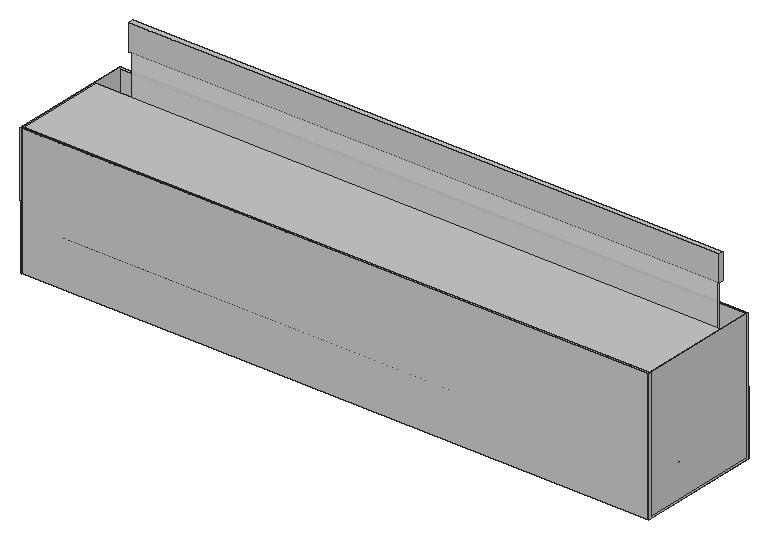
Revit family "Roller_Shades-Lutron-Pocket_Recessed-Roller_100_150_200", category Specialty Equipment, host Face, Revit 2017
Family settings
  Host = Face
  Round Connector Dimension = Use Diameter
  Part Type = Normal
  OmniClass Number = 23.30.60.14.21
  OmniClass Title = Shades
  Cut with Voids When Loaded = No
  Shared = No
  Room Calculation Point = No
Parameters (values of type "Roller 200 - Pocket Mount")
  Warranty URL = "http://www.lutron.com/en-US/Service-Support/Pages/Service/Warranty/Warranty.aspx"
  Video Link = "https://www.youtube.com/user/LutronElectronicsInc"
  Version = "2017 - v1.0b"  # constant formula
  URL = "http://www.lutron.com"
  Type Comments = ""
  Support Phone = "(224) 699-9545"  # constant formula
  Support Email = "mailto: support@anguleris.com"
  Shade Width [instance] = 2' - 0"
  Shade Size Available [instance] = if(Actual Shade Height < Shade Height, "No, height exceeds 5:1 ratio limit, use larger roller", if(Shade Area < Maximum Shade Area, "Yes", "Shade Size Unavailable"))  # "Yes"
  Shade Material = Fabric - Lutron - Linen - White
  Shade Height [instance] = 0' - 7"
  Shade Area [instance] = Shade Width * Actual Shade Height  # 1.16667 SF
  Series = "Sivoia QS"
  Right Drive [instance] = no
  Product Page URL = "http://www.lutron.com/en-US/Products/Pages/ShadingSystems/SivoiaQS/WindowTreatments/RollerShades/RollerShades.aspx"
  Product Name = "Motorized Roller Shade - Pocket Mount"
  Product Documentation Link = "http://www.lutron.com/TechnicalDocumentLibrary/086105%20a.pdf"
  Performance URL = "http://www.lutron.com/en-US/Service-Support/Pages/Technical/PerfomanceSpecs.aspx"
  Overall Width [instance] = if(Shade Width < 2' 0", 2' 0", if(Shade Width > Maximum Shade Width, Maximum Shade Width, Shade Width))  # 2' - 0"
  Overall Height [instance] = if([3D Shade Visibility], Shade Height, 0' 7")  # 0' - 7"
  Overall Depth = 0' - 4 3/4"
  Mounting = "Pocket"
  Model = "Roller 200"
  Maximum Shade Width = if(Maximum Shade Area = 200.00 SF, 15' 0", 10' 0")  # 15' - 0"
  Maximum Shade Area = 200.00 SF
  Manufacturer Phone Number = "610-282-3800"  # constant formula
  Manufacturer Fax Number = "610-282-1243"  # constant formula
  Manufacturer Email = "mailto:support@lutron.com"
  Manufacturer Address = "7200 Suter Rd, Coopersburg, PA 18036"  # constant formula
  Manufacturer = "Lutron Electronics Co., Inc"  # constant formula
  Lineal Requirements [instance] = ""
  Left Drive [instance] = no
  Keynote = ""
  Instruction Sheet Link = "http://www.lutron.com/TechnicalDocumentLibrary/045-189%20R100%20Pocket%20Chassis%2011X17%2004_07_10.pdf"
  Host Void Visibility [instance] = yes
  Host Void Depth [instance] = if(Host Void Visibility, 0' 5", 0' 4 1/2")  # 0' - 5"
  Fabric Roll Detail = "Standard"
  Fabric Options [instance] = ""
  Fabric Collection [instance] = ""
  Description = "Motorized Roller Shade"
  Default Elevation = 0' - 0"
  Cost Info = "mailto:sales@lutron.com"
  Cost = 0
  Copyright = "© 2019 Lutron Electronics Co., Inc."  # constant formula
  Control Technology [instance] = ""
  Actual Shade Height [instance] = if(Shade Height > Shade Width * 5, Shade Width * 5, Shade Height)  # 0' - 7"
  3D Shade Visibility [instance] = no
  Assembly Code = "E2010320"
Types (3): name | Support Email | Product Documentation Link | Model | Maximum Shade Width | Maximum Shade Area
  Roller 100 - Pocket Mount | "" | "http://www.lutron.com/TechnicalDocumentLibrary/086106_a.pdf" | "Roller 100" | 10' - 0" | 100.00 SF
  Roller 150 - Pocket Mount | "" | "http://www.lutron.com/TechnicalDocumentLibrary/085-267.pdf" | "Roller 150" | 10' - 0" | 150.00 SF
  Roller 200 - Pocket Mount | "mailto: support@anguleris.com" | "http://www.lutron.com/TechnicalDocumentLibrary/086105%20a.pdf" | "Roller 200" | 15' - 0" | 200.00 SF
Reference planes (in)
  plane 1 "Center (Front/Back)": y = 0
  plane 2: z = 0
  plane 3 "Center (Left/Right)": x = 0
  plane 4: x = -11.25
  plane 5: x = -12
  plane 6: x = 11.25
  plane 7: x = 12
  plane 8: z = 2
  plane 9: y = 2.375
  plane 10: y = -2.375
  plane 11: z = 1
  plane 12: z = -5
  plane 13: z = -2.5
  plane 14: y = 2
Forms (in)
  Extrusion 1, solid, material "Fabric - Lutron - Linen - White"
    sketch origin (0, 0, -3.664) x (0, 1, 0) y (0, 0, 1)
      loop
        circle (0, 1.164) r 2
    from -11.25 to 11.25
  Extrusion 2, solid, material "Metal - Lutron"
    sketch origin (2.75, 9.85369, 4.65682) x (0, 0, -1) y (0, 1, 0)
      loop
        circle (7.15682, -9.85369) r 1.25
    from 8.5 to 8.75
  Extrusion 3, solid, material "Metal - Lutron", detail levels medium+fine
    sketch origin (2.75, -1.764, -1.9) x (0, 0, -1) y (0, 1, 0)
      loop
        arc (-0.54408, 2.264) -> (-0.64857, 1.764) -> (-0.54408, 1.264) r 1.24857
        line (-0.54408, 1.264) -> (1.74721, 1.264)
        arc (1.74721, 1.264) -> (1.85143, 1.764) -> (1.74721, 2.264) r 1.25143
        line (1.74721, 2.264) -> (-0.54408, 2.264)
    from 8.75 to 9.19141
  Extrusion 4, solid, material "Metal - Lutron"
    sketch origin (-2.75, -1.764, -1.9) x (0, 0, -1) y (0, -1, 0)
      loop
        circle (0.6, -1.764) r 1.25
    from 8.5 to 8.75
  Extrusion 5, solid, material "Metal - Lutron", detail levels medium+fine
    sketch origin (-2.75, -1.764, -1.9) x (0, 0, -1) y (0, -1, 0)
      loop
        line (-0.54408, -2.264) -> (1.74721, -2.264)
        arc (1.74721, -2.264) -> (1.85143, -1.764) -> (1.74721, -1.264) r 1.25143
        line (1.74721, -1.264) -> (-0.54408, -1.264)
        arc (-0.54408, -1.264) -> (-0.64857, -1.764) -> (-0.54408, -2.264) r 1.24857
    from 8.75 to 9.19141
  Extrusion 6, solid, material "Metal - Lutron"
    sketch origin (0, -2.375, -2.5) x (0, 0, -1) y (0, 1, 0)
      loop
        line (-2.5, 0) -> (2.5, 0) -> (2.5, 4.75) -> (-2.5, 4.75) -> (-2.5, 4.69141) -> (2.44141, 4.69141) -> (2.44141, 0.05859) -> (-2.5, 0.05859) -> (-2.5, 0)
    from -12.0577 to 12.0577
  Extrusion 7, solid, material "Metal - Lutron"
    sketch origin (0, -2.375, -2.5) x (1, 0, 0) y (0, 1, 0)
      loop
        line (12.0577, 4.75) -> (12, 4.75) -> (12, 0) -> (12.0577, 0) -> (12.0577, 4.75)
      loop
        line (-12.0577, 4.75) -> (-12.0577, 0) -> (-12, 0) -> (-12, 4.75) -> (-12.0577, 4.75)
    from -2.5 to 2.5
  Extrusion 8, solid, material "Fabric - Lutron - Linen - White"
    sketch origin (0, 0.97344, -1.89844) x (1, 0, 0) y (0, 0, 1)
      loop
        line (-11.25, -0.60156) -> (11.25, -0.60156) -> (11.25, 2.89844) -> (-11.25, 2.89844) -> (-11.25, -0.60156)
    from -1.02656 to -0.96406
  Extrusion 9, solid, material "Metal - Lutron", detail levels medium+fine
    sketch origin (0, 1.91244, -1.39844) x (0, 0, -1) y (0, 1, 0)
      loop
        line (-2.39844, -0.03744) -> (-2.39844, 0.15006) -> (-3.39844, 0.15006) -> (-3.39844, -0.03744) -> (-2.39844, -0.03744)
    from -11.3125 to 11.3125
  Extrusion 10, solid, material "Metal - Lutron"
    sketch origin (0, 2.375, -2.59766) x (0, 0, -1) y (0, 1, 0)
      loop
        line (-2.59766, -4.69141) -> (-2.53906, -4.69141) -> (-2.53906, -1.24844) -> (-2.59766, -1.24844) -> (-2.59766, -4.69141)
    from -12 to 12
  Extrusion 11, solid, material "Metal - Lutron", detail levels medium+fine
    sketch origin (12, -45.05905, 58.10156) x (0, 0, 1) y (0, 1, 0)
      loop
        arc (-62.10156, 45.06875) -> (-60.60156, 43.56875) -> (-59.10156, 45.06875) r 1.5
        line (-59.10156, 45.06875) -> (-59.10156, 47.37546) -> (-62.10156, 47.37546) -> (-62.10156, 45.06875)
    from 0 to 0.05859
  Extrusion 12, solid, material "Metal - Lutron", detail levels medium+fine
    sketch origin (-12, -45.05905, 58.10156) x (0, 0, 1) y (0, -1, 0)
      loop
        line (-62.10156, -47.37546) -> (-59.10156, -47.37546) -> (-59.10156, -45.06875)
        arc (-59.10156, -45.06875) -> (-60.60156, -43.56875) -> (-62.10156, -45.06875) r 1.5
        line (-62.10156, -45.06875) -> (-62.10156, -47.37546)
    from 0 to 0.05859
  Extrusion 13, void
    sketch origin (0, 0, 0) x (1, 0, 0) y (0, 0, 1)
      loop
        line (-12.0577, 0) -> (-12.0577, -5) -> (12.0577, -5) -> (12.0577, 0) -> (-12.0577, 0)
    from -2.375 to 2.375
Cuts and joins
  joined: Extrusion 1, Extrusion 8
Lines and regions (in)
  Masking region 1
    outline origin (11.3125, -180, -5) x (0, -1, 0) y (1, 0, 0)
      loop
        line (-182.375, -23.3125) -> (-177.625, -23.3125) -> (-177.625, 0.6875) -> (-182.375, 0.6875) -> (-182.375, -23.3125)
  symbolic lines, not visible
    curve 1: line (-11.25, 0.5, -5) -> (-11.25, -0.5, -5)
    curve 2: line (11.25, 0.49777, -5) -> (11.25, -0.50223, -5)
  symbolic lines
    curve 3: line (11.25, 1.625, -5) -> (-11.25, 1.625, -5)
Dimensions and locks (in)
  locked: Extrusion 10 sketch curve to Extrusion 10 sketch curve at 0.05859
  equal spacing: plane 5, plane 3 "Center (Left/Right)", plane 7
  "Overall Width": plane 5 to plane 7
  locked: plane 5 to plane 4 at 0.75
  locked: plane 6 to plane 7 at 0.75
  equal spacing: plane 10, plane 1 "Center (Front/Back)", plane 9
  "Overall Depth": plane 10 to plane 9
  locked: plane 13 to plane 12 at 2.5
  "Overall Height": plane 8 to plane 12
  locked: plane 8 to plane 11 at 1
  locked: plane 2 to plane 12 at 5
  locked: plane 7 to Extrusion 13 sketch curve at 0.0577
  locked: plane 5 to Extrusion 13 sketch curve at 0.0577
  "Host Void Depth": Extrusion 13 sketch curve to plane 12
  locked: plane 1 "Center (Front/Back)" to Extrusion 4 sketch curve at 0
  locked: plane 13 to Extrusion 4 sketch curve at 0
  locked: plane 1 "Center (Front/Back)" to Extrusion 2 sketch curve at 0
  locked: plane 13 to Extrusion 2 sketch curve at 0
  locked: plane 1 "Center (Front/Back)" to Extrusion 1 sketch curve at 0
  locked: plane 13 to Extrusion 1 sketch curve at 0
  locked: plane 1 "Center (Front/Back)" to Extrusion 3 sketch curve at 0.5
  locked: Extrusion 3 sketch curve to plane 1 "Center (Front/Back)" at 0.5
  locked: Extrusion 3 sketch curve to plane 13 at 1.14721  (x2)
  locked: plane 13 to Extrusion 3 sketch curve at 1.14408  (x2)
  locked: Extrusion 7 sketch curve to plane 5 at 0.0577
  locked: plane 7 to Extrusion 7 sketch curve at 0.0577
  locked: plane 12 to Extrusion 6 sketch curve at 0.05859
  locked: plane 10 to Extrusion 6 sketch curve at 0.05859
  locked: Extrusion 6 sketch curve to plane 9 at 0.05859
  locked: plane 7 to Extrusion 6 at 0.0577
  locked: plane 6 to Extrusion 6 at 0.8077
  locked: plane 5 to Extrusion 6 at 0.0577
  locked: plane 4 to Extrusion 6 at 0.8077
  locked: plane 13 to Extrusion 12 sketch curve at 1.5
  locked: Extrusion 12 sketch curve to plane 13 at 1.5
  locked: Extrusion 12 sketch curve to plane 9 at 0.05859
  locked: plane 1 "Center (Front/Back)" to Extrusion 12 sketch curve at 0.0097  (x2)
  locked: Extrusion 12 to plane 5 at 0.05859
  locked: plane 4 to Extrusion 12 at 0.69141
  locked: Extrusion 11 sketch curve to plane 9 at 0.05859
  locked: plane 1 "Center (Front/Back)" to Extrusion 11 sketch curve at 0.0097  (x2)
  locked: plane 13 to Extrusion 11 sketch curve at 1.5
  locked: Extrusion 11 sketch curve to plane 13 at 1.5
  locked: Extrusion 11 to plane 7 at 0.05859
  locked: plane 6 to Extrusion 11 at 0.69141
  locked: Extrusion 9 sketch curve to plane 9 at 0.3125
  locked: plane 1 "Center (Front/Back)" to Extrusion 9 sketch curve at 1.875
  locked: plane 4 to Extrusion 9 at 0.0625
  locked: Extrusion 9 to plane 5 at 0.6875
  locked: plane 6 to Extrusion 9 at 0.0625
  locked: Extrusion 9 to plane 7 at 0.6875
  locked: cut or joined group of Extrusion 1, Extrusion 8 to plane 9 at 0.375
  locked: plane 1 "Center (Front/Back)" to Extrusion 9 at 1.875
  locked: Extrusion 9 to Extrusion 9 at 0.1875
  locked: Extrusion 5 sketch curve to plane 1 "Center (Front/Back)" at 0.5
  locked: plane 1 "Center (Front/Back)" to Extrusion 5 sketch curve at 0.5
  locked: plane 13 to Extrusion 5 sketch curve at 1.14408  (x2)
  locked: Extrusion 5 sketch curve to plane 13 at 1.14721  (x2)
  locked: plane 4 to Extrusion 4 at 0.25
  locked: Extrusion 4 to plane 5 at 0.5
  locked: plane 6 to Extrusion 2 at 0.25  (x2)
  locked: Extrusion 2 to plane 7 at 0.5  (x2)
  locked: Extrusion 4 to plane 4 at 0.25
  locked: plane 5 to Extrusion 4 at 0.5
  locked: plane 10 to Extrusion 10 sketch curve at 0.05859
  locked: plane 10 to Extrusion 10 sketch curve at 3.50156
  locked: curve 3 to plane 9 at 0.75
  locked: plane 1 "Center (Front/Back)" to plane 14 at 2
  locked: cut or joined group of Extrusion 1, Extrusion 8 to plane 14 at 0.0625
  locked: cut or joined group of Extrusion 1, Extrusion 8 to plane 9 at 0.4375
  radius of Extrusion 1 sketch curve = 0' - 2"  (x2)
  radius of Extrusion 2 sketch curve = 0' - 1 1/4"
  radius of Extrusion 4 sketch curve = 0' - 1 1/4"
  radius of Extrusion 3 sketch curve = 0' - 1.24857"
  radius of Extrusion 3 sketch curve = 0' - 1.25143"
  radius of Extrusion 5 sketch curve = 0' - 1.24857"
  radius of Extrusion 5 sketch curve = 0' - 1.25143"
  radius of Extrusion 12 sketch curve = 0' - 1 1/2"
  radius of Extrusion 11 sketch curve = 0' - 1 1/2"
  aligned and locked: plane 2 to host face
  aligned and locked: level to host face
  aligned and locked: Extrusion 3 to Extrusion 2
  aligned and locked: Extrusion 5 to Extrusion 4
  aligned and locked: Extrusion 6 to Extrusion 7
  aligned and locked: Extrusion 13 to plane 10
  aligned and locked: plane 9 to Extrusion 7 sketch curve
  aligned and locked: Extrusion 7 sketch curve to plane 5
  aligned and locked: plane 10 to Extrusion 7 sketch curve
  aligned and locked: Extrusion 7 sketch curve to plane 10
  aligned and locked: plane 7 to Extrusion 7 sketch curve
  aligned and locked: Extrusion 7 sketch curve to plane 9
  aligned and locked: plane 2 to Extrusion 7
  aligned and locked: plane 12 to Extrusion 7
  aligned and locked: plane 12 to Extrusion 6 sketch curve
  aligned and locked: Extrusion 6 sketch curve to plane 10
  aligned and locked: Extrusion 6 sketch curve to plane 9
  aligned and locked: plane 2 to Extrusion 6 sketch curve  (x2)
  aligned and locked: Extrusion 12 to plane 5
  aligned and locked: plane 8 to Extrusion 9 sketch curve
  aligned and locked: Extrusion 9 sketch curve to plane 11
  aligned and locked: Extrusion 8 sketch curve to plane 4
  aligned and locked: Extrusion 8 sketch curve to plane 11
  aligned and locked: plane 13 to Extrusion 8 sketch curve
  aligned and locked: Extrusion 8 sketch curve to plane 6
  aligned and locked: Extrusion 11 to plane 7
  aligned and locked: cut or joined group of Extrusion 1, Extrusion 8 to plane 6
  aligned and locked: cut or joined group of Extrusion 1, Extrusion 8 to plane 4
  aligned and locked: Extrusion 3 to Extrusion 11
  aligned and locked: Extrusion 5 to Extrusion 12
  aligned and locked: plane 4 to Extrusion 4
  aligned and locked: plane 6 to Extrusion 2
  aligned and locked: Extrusion 10 sketch curve to plane 2
  aligned and locked: Extrusion 10 to plane 5
  aligned and locked: Extrusion 10 to plane 7
  aligned and locked: Masking region 1 sketch curve to Extrusion 7
  aligned and locked: plane 6 to curve 3
  aligned and locked: plane 4 to curve 3
  aligned and locked: Extrusion 13 to Extrusion 6
  aligned and locked: cut or joined group of Extrusion 1, Extrusion 8 to plane 14
  aligned and locked: plane 10 to Masking region 1 sketch curve
  aligned and locked: plane 7 to Masking region 1 sketch curve
  aligned and locked: plane 9 to Masking region 1 sketch curve
Automatic sketch dimensions
  host sketch curve to host sketch curve = 8' - 0"  (x2)
  curve 1 to plane 4 = 0' - 0"
  curve 2 to plane 6 = 0' - 0"
  plane 1 "Center (Front/Back)" to curve 2 = 0' - 0.50223"
  plane 1 "Center (Front/Back)" to curve 1 = 0' - 0 1/2"
  curve 2 to plane 1 "Center (Front/Back)" = 0' - 0.49777"
  curve 1 to plane 1 "Center (Front/Back)" = 0' - 0 1/2"
  Extrusion 13 sketch curve to plane 12 = 0' - 0"
Connectors (in)
  electrical at (12.0577, 0, -2.48535)
    settings: on Extrusion 6, index 1, voltage 0 V, apparent load 0 VA, apparent load phase1 0 VA, apparent load phase2 0 VA, apparent load phase3 0 VA, power factor 1, load classification "Other", number of poles 1, system type 13, power factor state 1, is connector primary yes, connector utility no, sub classification motor no, connector description "Control Connection"
